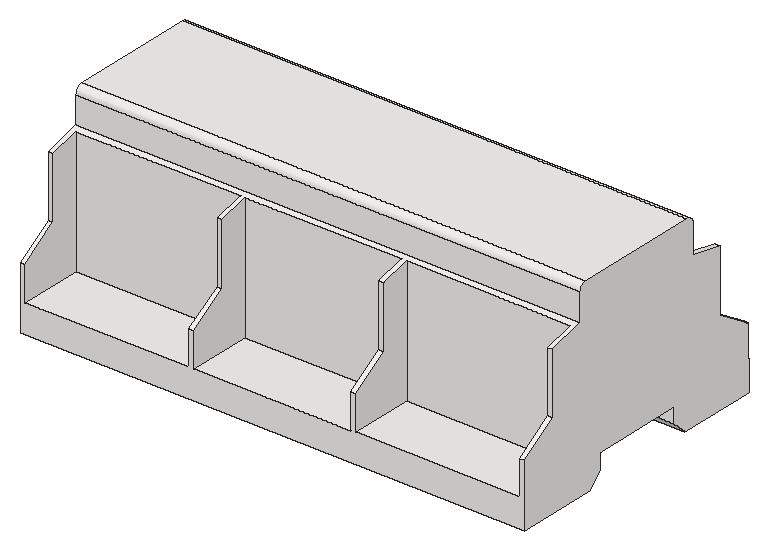
Revit family "Control_Unit-Lutron-MQSE-2S1(3S1)(4S1)-D", category Lighting Devices, host Face, Revit 2017
Family settings
  Host = Face
  Maintain Annotation Orientation = Yes
  Round Connector Dimension = Use Radius
  Part Type = Normal
  OmniClass Number = 23.85.80.11
  OmniClass Title = Building Controls
  Cut with Voids When Loaded = No
  Shared = No
  Room Calculation Point = No
Parameters (values of type "MQSE-4S1-D")
  Warranty URL = "http://www.lutron.com/en-US/Service-Support/Pages/Service/Warranty/Warranty.aspx"
  Voltage = 120 V
  Video Link = "https://www.youtube.com/user/LutronElectronicsInc"
  Version = "2017 - v1.0a"  # constant formula
  Type Comments = ""
  Support Phone = "(224) 699-9545"  # constant formula
  Support Email = "mailto: support@anguleris.com"
  Product Page URL = "http://www.lutron.com/en-US/Products/Pages/SingleRoomControls/myRoom/Overview.aspx"
  Product Name = "DIN Power Module - Switching"
  Product Documentation Link = "http://www.lutron.com/TechnicalDocumentLibrary/369841.pdf"
  Performance URL = "http://www.lutron.com/en-US/Service-Support/Pages/Technical/PerfomanceSpecs.aspx"
  Overall Width = 6.37109"  # constant formula
  Overall Height = 2.37891"  # constant formula
  Operating Voltage = "100–120 V~, 220–240 V~ 50/60 Hz"
  URL = "http://www.lutron.com"
  Series = "myRoom"
  Overall Depth = 3.53125"  # constant formula
  Number of Poles = 1
  Model = "MQSE-4S1-D"
  Minimum Operating Temperature = 32 °F
  Maximum Operating Temperature = 104 °F
  Material = ""
  Manufacturer Phone Number = "610-282-3800"  # constant formula
  Manufacturer Fax Number = "610-282-1243"  # constant formula
  Manufacturer Email = "mailto:support@lutron.com"
  Manufacturer Address = "7200 Suter Rd, Coopersburg, PA 18036"  # constant formula
  Manufacturer = "Lutron Electronics Co., Inc"  # constant formula
  Load Classification = Other
  Keynote = ""
  Instruction Sheet Link = "http://www.lutron.com/TechnicalDocumentLibrary/032523.pdf"
  Finish = Plastic - Lutron - White - Matte
  Description = "The Switching Power Module family is a group of modular products for the control of lighting loads. This product is compatible with Lutron myRoom guestroom systems only.\r\n"
  Default Elevation = 48.00"
  Current = 4 A
  Cost Info = "mailto:sales@lutron.com"
  Cost = 0
  Copyright = "© 2020 Lutron Electronics Co., Inc."  # constant formula
  Assembly Code = "D5020200"
  Apparent Power = Voltage * Current  # 480 VA
Types (3): name | Operating Voltage | Model | Current | Apparent Power
  MQSE-4S1-D | "100–120 V~, 220–240 V~ 50/60 Hz" | "MQSE-4S1-D" | 4 A | 480 VA
  MQSE-3S1-D | "120–240 V~ 50/60 Hz" | "MQSE-3S1-D" | 3 A | 360 VA
  MQSE-2S1-D | "120–240 V~ 50/60 Hz" | "MQSE-2S1-D" | 2 A | 240 VA
Reference planes (in)
  plane 1 "Center (Front/Back)": y = 0
  plane 2: z = 0
  plane 3 "Center (Left/Right)": x = 0
  plane 4: z = 2.39844
  plane 5: x = -3.185
  plane 6: x = 3.185
  plane 7: y = 1.765
  plane 8: y = -1.765
  plane 9: x = -1.04956
  plane 10: x = 1.04956
Forms (in)
  Extrusion 1, solid, material "Plastic - Lutron - White - Matte" <- "Finish"
    sketch origin (8.5, 0.00455, 0.02943) x (0, -1, 0) y (0, 0, 1)
      loop
        line (1.77779, -0.02943) -> (1.77779, 0.76385) -> (1.33367, 1.04799) -> (1.33367, 1.82638) -> (0.89356, 1.93611) -> (0.89356, 2.27962)
        arc (0.89356, 2.27962) -> (0.86682, 2.34419) -> (0.80225, 2.37093) r 0.09132
        line (0.80225, 2.37093) -> (-0.79314, 2.37093)
        arc (-0.79314, 2.37093) -> (-0.86123, 2.34047) -> (-0.88388, 2.26939) r 0.09132
        line (-0.88388, 2.26939) -> (-0.88388, 1.92541) -> (-1.3105, 1.83473) -> (-1.3105, 1.05456) -> (-1.76053, 0.77019) -> (-1.76053, -0.02943) -> (-0.75275, -0.02943) -> (-0.57598, 0.14735) -> (-0.57598, 0.33151) -> (0.5916, 0.33151) -> (0.5916, 0.1255) -> (0.74653, -0.02943) -> (1.77779, -0.02943)
    from 5.315 to 11.685
  Extrusion 2, void
    sketch origin (0, -12.51256, 0) x (1, 0, 0) y (0, 1, 0)
      loop
        line (-3.12727, 14.33418) -> (-3.12727, 13.47887) -> (-1.04956, 13.47887) -> (-1.04956, 14.33418) -> (-3.12727, 14.33418)
      loop
        line (0.99184, 14.33418) -> (-0.99184, 14.33418) -> (-0.99184, 13.47887) -> (0.99184, 13.47887) -> (0.99184, 14.33418)
      loop
        line (3.12727, 14.33418) -> (1.04956, 14.33418) -> (1.04956, 13.47887) -> (3.12727, 13.47887) -> (3.12727, 14.33418)
      loop
        line (-3.12727, 10.69094) -> (-1.04956, 10.69094) -> (-1.04956, 11.54625) -> (-3.12727, 11.54625) -> (-3.12727, 10.69094)
      loop
        line (0.99184, 10.69094) -> (0.99184, 11.54625) -> (-0.99184, 11.54625) -> (-0.99184, 10.69094) -> (0.99184, 10.69094)
      loop
        line (3.12727, 10.69094) -> (3.12727, 11.54625) -> (1.04956, 11.54625) -> (1.04956, 10.69094) -> (3.12727, 10.69094)
    from 0.36094 to 2.99
Cuts and joins
  Extrusion 2 cuts Extrusion 1
Lines and regions (in)
  Masking region 1
    outline origin (0, 0, 0) x (1, 0, 0) y (0, 0, 1)
      loop
        line (3.185, 2.40036) -> (-3.185, 2.40036) -> (-3.185, 0) -> (3.185, 0) -> (3.185, 2.40036)
  symbolic lines, detail levels medium+fine
    curve 1: line (3.185, 0, 2.29882) -> (-3.185, 0, 2.29882)
    curve 2: line (3.185, 0, 1.95483) -> (-3.185, 0, 1.95483)
    curve 3: line (3.12727, 0, 1.93828) -> (1.04956, 0, 1.93828)
    curve 4: line (3.12727, 0, 0.36094) -> (3.12727, 0, 1.93828)
    curve 5: line (1.04956, 0, 0.36094) -> (3.12727, 0, 0.36094)
    curve 6: line (1.04956, 0, 1.93828) -> (1.04956, 0, 0.36094)
    curve 7: line (0.99184, 0, 1.93828) -> (-0.99184, 0, 1.93828)
    curve 8: line (0.99184, 0, 0.36094) -> (0.99184, 0, 1.93828)
    curve 9: line (-0.99184, 0, 0.36094) -> (0.99184, 0, 0.36094)
    curve 10: line (-0.99184, 0, 1.93828) -> (-0.99184, 0, 0.36094)
    curve 11: line (-1.04956, 0, 0.36094) -> (-3.12727, 0, 0.36094)
    curve 12: line (-1.04956, 0, 1.93828) -> (-1.04956, 0, 0.36094)
    curve 13: line (-3.12727, 0, 1.93828) -> (-1.04956, 0, 1.93828)
    curve 14: line (-3.12727, 0, 0.36094) -> (-3.12727, 0, 1.93828)
    curve 15: line (3.12727, 0, 1.86415) -> (3.185, 0, 1.86415)
    curve 16: line (1.04956, 0, 1.86415) -> (0.99184, 0, 1.86415)
    curve 17: line (-0.99184, 0, 1.86415) -> (-1.04956, 0, 1.86415)
    curve 18: line (-3.12727, 0, 1.86415) -> (-3.185, 0, 1.86415)
    curve 19: line (3.185, 0, 1.08399) -> (3.12727, 0, 1.08399)
    curve 20: line (1.04956, 0, 1.08399) -> (0.99184, 0, 1.08399)
    curve 21: line (-0.99184, 0, 1.08399) -> (-1.04956, 0, 1.08399)
    curve 22: line (-3.12727, 0, 1.08399) -> (-3.185, 0, 1.08399)
    curve 23: line (-3.185, 0, 0.79962) -> (-3.12727, 0, 0.79962)
    curve 24: line (-1.04956, 0, 0.79962) -> (-0.99184, 0, 0.79962)
    curve 25: line (0.99184, 0, 0.79962) -> (1.04956, 0, 0.79962)
    curve 26: line (3.12727, 0, 0.79962) -> (3.185, 0, 0.79962)
Dimensions and locks (in)
  locked: plane 4 to plane 2 at 2.39844
  plane 8 to plane 7 = 3.53"
  plane 5 to plane 6 = 6.37"
  locked: host sketch curve to plane 3 "Center (Left/Right)" at 48  (x12)
  locked: host sketch curve to plane 1 "Center (Front/Back)" at 48  (x12)
  locked: Extrusion 1 sketch curve to plane 3 "Center (Left/Right)" at 8.5  (x120)
  locked: Extrusion 1 sketch curve to plane 1 "Center (Front/Back)" at 1.32912  (x6)
  locked: Extrusion 1 sketch curve to plane 1 "Center (Front/Back)" at 0.88901  (x8)
  locked: Extrusion 1 sketch curve to plane 1 "Center (Front/Back)" at 0.7977  (x4)
  locked: Extrusion 1 sketch curve to plane 1 "Center (Front/Back)" at 0.88844  (x8)
  locked: Extrusion 1 sketch curve to plane 1 "Center (Front/Back)" at 1.31505  (x6)
  locked: Extrusion 1 sketch curve to plane 1 "Center (Front/Back)" at 1.76508  (x6)
  locked: Extrusion 1 sketch curve to plane 1 "Center (Front/Back)" at 0.58053  (x6)
  locked: Extrusion 1 sketch curve to plane 1 "Center (Front/Back)" at 0.58705  (x6)
  locked: Extrusion 1 sketch curve to plane 1 "Center (Front/Back)" at 1.77323  (x6)
  locked: Extrusion 1 sketch curve to level at 2.30905  (x2)
  locked: Extrusion 1 sketch curve to level at 2.40036  (x10)
  locked: Extrusion 1 sketch curve to level at 2.29882  (x2)
  locked: Extrusion 1 sketch curve to level at 0.36094  (x6)
  locked: Extrusion 1 sketch curve to plane 1 "Center (Front/Back)" at 0.70638  (x2)
  locked: Extrusion 1 sketch curve to level at 2.21773  (x2)
  locked: Extrusion 2 sketch curve to plane 3 "Center (Left/Right)" at 1.04956  (x24)
  locked: Extrusion 2 sketch curve to plane 3 "Center (Left/Right)" at 3.12727  (x24)
  locked: Extrusion 2 sketch curve to plane 3 "Center (Left/Right)" at 0.99184  (x24)
  locked: Extrusion 2 sketch curve to plane 1 "Center (Front/Back)" at 0.96631  (x36)
  locked: Extrusion 2 sketch curve to plane 1 "Center (Front/Back)" at 1.82162  (x36)
  aligned and locked: plane 2 to host face
  aligned and locked: level to host face
Connectors (in)
  electrical at (0, 1.26119, 0)
    settings: on cut or joined group of Extrusion 1, Extrusion 2, index 1, voltage 0 V, apparent load 0 VA, apparent load phase1 0 VA, apparent load phase2 0 VA, apparent load phase3 0 VA, power factor 1, load classification "Other", number of poles 1, system type 13, power factor state 1, is connector primary yes, connector utility no, sub classification motor no, connector description "Controls Connection"
  electrical at (0, -1.25761, 0), driven by "Number of Poles", driven by "Load Classification", driven by "Voltage", driven by "Apparent Power"
    settings: on cut or joined group of Extrusion 1, Extrusion 2, index 2, voltage 120 V, apparent load 0 VA, apparent load phase1 480 VA, apparent load phase2 0 VA, apparent load phase3 0 VA, power factor 1, load classification "Other", number of poles 1, system type 31, power factor state 1, is connector primary no, connector utility no, sub classification motor no, connector description "Power Connection"
